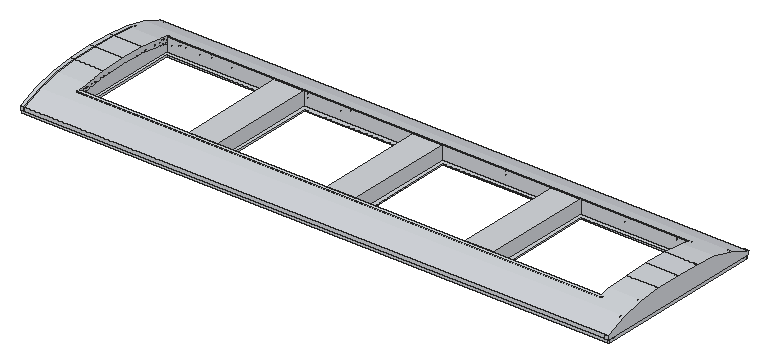
Revit family "Gira_021459", category Electrical Fixtures, host Face, Revit 2017
Family settings
  Host = Face
  Maintain Annotation Orientation = No
  Round Connector Dimension = Use Diameter
  Part Type = Normal
  Cut with Voids When Loaded = No
  Shared = No
  Room Calculation Point = No
Parameters (values of type "Abdeckrahmen 4f Zwischenr. F Alu Gira Event Opak Dklbraun")
  Werkstoffgüte = "Thermoplast"
  Werkstoff = "Kunststoff"
  URL = "http://katalog.gira.de/de_DE/datenblatt.html?artikelnr=021459"
  Transparent = "No"
  Textfeld/Beschriftungsfläche = "No"
  Schutzart (IP) = "IP20"
  Region = "DE"
  Oberfläche = "sonstige"
  Name = "Abdeckrahmen 4f Zwischenr. F Alu Gira Event Opak Dklbraun"
  Montagerichtung = "horizontal und vertikal"
  Mit Montagerahmen = "No"
  Mit Klappdeckel = "No"
  Manufacturer URL = "https://www.gira.de/"
  Keynote = "Event_Rahmen_4fach"
  HeinzeBIM = "https://bimportal.heinze.de/bim/abdeckrahmen-4f-zwischenr-f-alu-gira-event-opak-dklbraun/bbd43988f6002e5954531cdec015c1110f8490ab"
  Halogenfrei = "Yes"
  HAN = "021459"
  Geeignet für Unterputz-Installation = "Yes"
  Geeignet für Unterflurkanaldose = "No"
  Geeignet für Geräteeinbaukanal = "No"
  Geeignet für Einbauinstallation = "No"
  GTIN = "4010337003458"
  Farbe = "braun"
  Default Elevation = 1219.2 mm
  Data sheet (1) = "https://katalog.gira.de/de_DE/download.html?artikelnr=021459"
  Category = "Abdeckrahmen"
  Befestigungsart = "Klemmbefestigung"
  Available = "Yes"
  Anzahl der Einheiten vertikal = "4 "
  Anzahl der Einheiten horizontal = "4 "
  Anzahl der Einheiten = "4 "
Reference planes
  plane 1 "Center (Front/Back)": y = 0
  plane 2: z = 0
  plane 3 "Center (Left/Right)": x = 0
Forms (mm)
  Extrusion 1, solid, detail levels fine
    sketch origin (0, 0, 0.05) x (0, 1, 0) y (0, 0, 1)
      loop
        arc (12.445, 9.683) -> (6.223, 9.833) -> (0, 9.85) r 291.636
        arc (0, 9.85) -> (-6.223, 9.833) -> (-12.445, 9.683) r 291.636
        arc (-12.445, 9.683) -> (-29.14, 7.482) -> (-45, 1.823) r 79.728
        line (-45, 1.823) -> (-45, -0.05) -> (-42.086, -0.05)
        arc (-42.086, -0.05) -> (-21.385, 5.559) -> (0, 7.206) r 114.424
        arc (0, 7.206) -> (21.385, 5.559) -> (42.086, -0.05) r 114.424
        line (42.086, -0.05) -> (45, -0.05) -> (45, 1.823)
        arc (45, 1.823) -> (29.14, 7.482) -> (12.445, 9.683) r 79.728
    from -151.95 to 151.935
  Extrusion 2, void, detail levels fine
    sketch origin (0, 0, 0) x (1, 0, 0) y (0, 1, 0)
      loop
        line (134.95, 28.035) -> (-134.95, 28.035) -> (-134.95, -28.035) -> (134.95, -28.035) -> (134.95, 28.035)
    from 0.724 to 11
  Extrusion 3, solid, detail levels coarse
    sketch origin (0, 0, 0) x (1, 0, 0) y (0, 1, 0)
      loop
        line (-151.95, 45) -> (-151.95, -45) -> (151.935, -45) -> (151.935, 45) -> (-151.95, 45)
    from -1.5 to 9.9
  Extrusion 4, solid, detail levels medium
    sketch origin (0, 0, 0.05) x (0, 1, 0) y (0, 0, 1)
      loop
        arc (12.445, 9.683) -> (6.223, 9.833) -> (0, 9.85) r 291.636
        arc (0, 9.85) -> (-6.223, 9.833) -> (-12.445, 9.683) r 291.636
        arc (-12.445, 9.683) -> (-29.14, 7.482) -> (-45, 1.823) r 79.728
        line (-45, 1.823) -> (-45, -0.05) -> (45, -0.05) -> (45, 1.823)
        arc (45, 1.823) -> (29.14, 7.482) -> (12.445, 9.683) r 79.728
    from -151.95 to 151.935
  Extrusion 5, solid, detail levels fine
    sketch origin (-106.95, 0, -1.5) x (0, 1, 0) y (0, 0, -1)
      loop
        line (45, -3.373) -> (45, -1.5) -> (-45, -1.5) -> (-45, -3.373)
        arc (-45, -3.373) -> (-29.14, -9.032) -> (-12.445, -11.233) r 79.728
        arc (-12.445, -11.233) -> (-6.223, -11.383) -> (0, -11.4) r 291.636
        arc (0, -11.4) -> (6.223, -11.383) -> (12.445, -11.233) r 291.636
        arc (12.445, -11.233) -> (29.14, -9.032) -> (45, -3.373) r 79.728
    from 43 to 45
  Extrusion 6, solid, detail levels fine
    sketch origin (0, 0, 0) x (1, 0, 0) y (0, 1, 0)
      loop
        line (-132.85, 25.7) -> (-132.85, -25.7) -> (-81.05, -25.7) -> (-81.05, 25.7) -> (-132.85, 25.7)
      loop
        line (-9.755, -25.7) -> (-9.755, 25.7) -> (-61.555, 25.7) -> (-61.555, -25.7) -> (-9.755, -25.7)
      loop
        line (-135.845, 28.49) -> (-135.845, -28.495)
        spline (-135.845, -28.495) -> (-135.836, -28.625) -> (-135.811, -28.754) -> (-135.769, -28.878) -> (-135.711, -28.995) -> (-135.638, -29.104) -> (-135.552, -29.202) -> (-135.454, -29.288) -> (-135.345, -29.361) -> (-135.228, -29.419) -> (-135.104, -29.461) -> (-134.975, -29.486) -> (-134.845, -29.495)
        line (-134.845, -29.495) -> (134.845, -29.495)
        spline (134.845, -29.495) -> (134.975, -29.486) -> (135.104, -29.461) -> (135.228, -29.419) -> (135.345, -29.361) -> (135.454, -29.288) -> (135.552, -29.202) -> (135.638, -29.104) -> (135.711, -28.995) -> (135.769, -28.878) -> (135.811, -28.754) -> (135.836, -28.625) -> (135.845, -28.495)
        line (135.845, -28.495) -> (135.845, 28.49)
        spline (135.845, 28.49) -> (135.836, 28.62) -> (135.811, 28.748) -> (135.769, 28.872) -> (135.711, 28.99) -> (135.638, 29.098) -> (135.552, 29.197) -> (135.454, 29.283) -> (135.345, 29.356) -> (135.228, 29.413) -> (135.104, 29.456) -> (134.975, 29.481) -> (134.845, 29.49)
        line (134.845, 29.49) -> (-134.845, 29.49)
        spline (-134.845, 29.49) -> (-134.975, 29.481) -> (-135.104, 29.456) -> (-135.228, 29.413) -> (-135.345, 29.356) -> (-135.454, 29.283) -> (-135.552, 29.197) -> (-135.638, 29.098) -> (-135.711, 28.99) -> (-135.769, 28.872) -> (-135.811, 28.748) -> (-135.836, 28.62) -> (-135.845, 28.49)
      loop
        line (61.545, -25.7) -> (61.545, 25.7) -> (9.745, 25.7) -> (9.745, -25.7) -> (61.545, -25.7)
      loop
        line (132.85, -25.7) -> (132.85, 25.7) -> (81.05, 25.7) -> (81.05, -25.7) -> (132.85, -25.7)
    from 0.1 to 7.3
  Extrusion 7, solid
    sketch origin (0, 0, 0) x (1, 0, 0) y (0, 1, 0)
      loop
        arc (-151.65, -44.218) -> (-151.504, -44.572) -> (-151.15, -44.718) r 0.5
        line (-151.15, -44.718) -> (151.15, -44.718)
        arc (151.15, -44.718) -> (151.504, -44.572) -> (151.65, -44.218) r 0.5
        line (151.65, -44.218) -> (151.65, 44.182)
        arc (151.65, 44.182) -> (151.504, 44.535) -> (151.15, 44.682) r 0.5
        line (151.15, 44.682) -> (-151.15, 44.682)
        arc (-151.15, 44.682) -> (-151.504, 44.535) -> (-151.65, 44.182) r 0.5
        line (-151.65, 44.182) -> (-151.65, -44.218)
      loop
        line (-149.95, 42.982) -> (-149.95, -43.018) -> (149.95, -43.018) -> (149.95, 42.982) -> (-149.95, 42.982)
    from -1.5 to 0.5
  Extrusion 8, solid, detail levels fine
    sketch origin (106.935, 0, -1.5) x (0, 1, 0) y (0, 0, 1)
      loop
        arc (45, 3.373) -> (29.14, 9.032) -> (12.445, 11.233) r 79.728
        arc (12.445, 11.233) -> (6.223, 11.383) -> (0, 11.4) r 291.636
        arc (0, 11.4) -> (-6.223, 11.383) -> (-12.445, 11.233) r 291.636
        arc (-12.445, 11.233) -> (-29.14, 9.032) -> (-45, 3.373) r 79.728
        line (-45, 3.373) -> (-45, 1.5) -> (45, 1.5) -> (45, 3.373)
    from 43 to 45
  Extrusion 9, solid, detail levels medium
    sketch origin (0, 0, 0) x (1, 0, 0) y (0, 1, 0)
      loop
        line (-151.65, -44.718) -> (151.65, -44.718) -> (151.65, 44.682) -> (-151.65, 44.682) -> (-151.65, -44.718)
    from -1.5 to 0.5
  Extrusion 10, solid, detail levels fine
    sketch origin (-69.857, 0, 0) x (1, 0, 0) y (0, 1, 0)
      loop
        line (-8.943, 28.063) -> (-8.943, -27.937) -> (6.057, -27.937) -> (6.057, 28.063) -> (-8.943, 28.063)
    from 0.724 to 7.566
  Extrusion 11, solid, detail levels fine
    sketch origin (-1.443, 0, 0) x (-1, 0, 0) y (0, -1, 0)
      loop
        line (-8.943, -28.063) -> (6.057, -28.063) -> (6.057, 27.937) -> (-8.943, 27.937) -> (-8.943, -28.063)
    from 0.724 to 7.566
  Extrusion 12, solid, detail levels fine
    sketch origin (69.857, 0, 0) x (-1, 0, 0) y (0, -1, 0)
      loop
        line (-8.943, -28.063) -> (6.057, -28.063) -> (6.057, 27.937) -> (-8.943, 27.937) -> (-8.943, -28.063)
    from 0.724 to 7.566
Cuts and joins
  Extrusion 2 cuts Extrusion 1
  Extrusion 2 cuts Extrusion 6
Dimensions and locks
  aligned and locked: plane 2 to host face
  aligned and locked: level to host face
